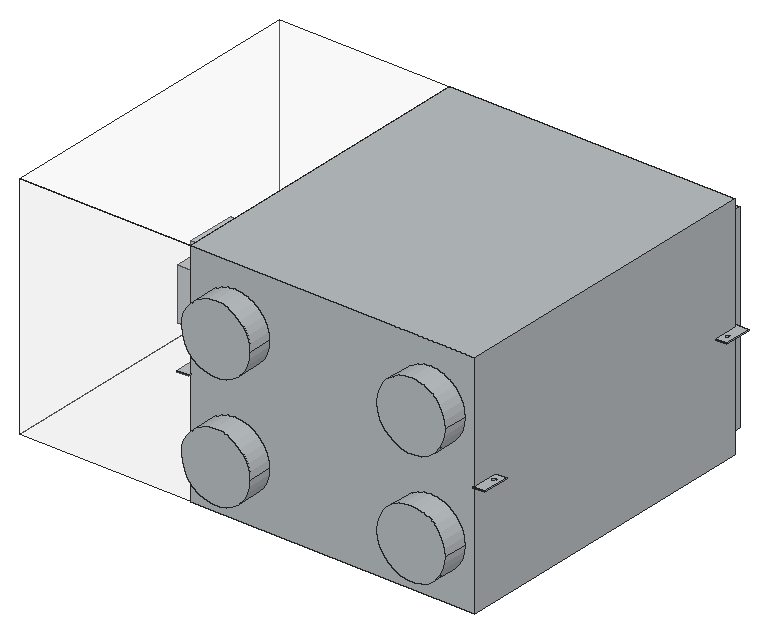
Revit family "lgh-rn150_200rxvd-c_60Hz", category 機械設備, Revit 2019
Family settings
  丸型コネクタ寸法 = 直径を使用
  パーツ タイプ = 割り込み
  OmniClass 番号 = 23.75.10.34.21
  OmniClass タイトル = Heat Exchangers for Ventilation Air
  作業面ベース = いいえ
  常に垂直 = はい
  ロード時にボイドで切り取り = いいえ
  共有 = いいえ
  部屋計算ポイント = はい
Parameters (values of type "LGH-RN150RXVD-C")
  騒音レベル(dB(A)) = 38.5
  風量 = MAX風量  # 1500.0 m³/h
  面風速 = 8.5 m/s
  電源種別 [instance] = "一般"
  電圧 = 200 V
  電動機出力 = 0 W
  集中コントローラ = ""
  運転質量 = 0.00 kg
  連動 [instance] = ""
  質量 = if(製品質量 > 運転質量, 製品質量, 運転質量) * 1.2  # 128.40 kg
  負荷分類 = 3_ファン類
  説明 = "業務用ロスナイ 天井埋込形 DCリプレースマイコン CO2センサー付"
  設計風量 = 0.0 m³/h
  設置方法 = "天井吊(隠ぺい)形"
  記号 [instance] = ""
  製造元 = "三菱電機株式会社"
  製品質量 = 107.00 kg
  製品出荷対象 = "国内"
  製品リリース年月 = "2020年10月1日"
  製品グループ = ""
  系統 [instance] = ""
  符号 [instance] = "HEU"
  積算_科目 = "1 空気調和設備"
  積算_拾い区分 [instance] = ""
  相 = 1
  盤記号 [instance] = ""
  発停方法 [instance] = "別売リモコン"
  特殊仕様 [instance] = ""
  点検口高さ = -Height / 2  # -404 mm
  点検口 = yes
  火災停止 [instance] = ""
  温度交換効率_特強 = 73.00%
  温度交換効率_強 = 74.00%
  温度交換効率_弱 = 76.50%
  消費電力 = 900 W
  法定耐用年数 = "15"
  機外静圧_排気 = 275.0 Pa
  機外静圧 = 275.0 Pa
  極数 = 3
  材質 [instance] = ""
  本体マテリアル = 溶融亜鉛めっき鋼板
  操作・制御方式 = ""
  操作・制御スイッチ = ""
  排気量 = 0.0 m³/h
  形式 = "天井埋込ダクト形"
  形名 = LGH-RN-3 : LGH-RN150-3
  幹線記号 [instance] = ""
  対象室 [instance] = ""
  実風量 = 0.0 m³/h
  始動方式 [instance] = "直入"
  外気量 = 設計風量  # 0.0 m³/h
  呼称 = "全熱交換ユニット"
  周波数 = 60 Hz
  吊りボルト-W = 1046 mm
  吊りボルト-D = 1030 mm
  参照している仕様書等のバージョン = ""
  初期抵抗 = 0.0 Pa
  分類コード = "50052504100070"
  分類グループ = ""
  価格 = 1233200
  企業コード = "108420"
  付属品_フィルター_還気 = ""
  付属品_フィルター = ""
  付属品 [instance] = ""
  仕様書バージョン = "Version1.0"
  モデル = "LGH-RN150RXVD-C"
  ドレン管径 = 0 mm
  ダクト径 = 242 mm
  サービススペース = yes
  コメント [instance] = ""
  Keynote = ""
  エンタルピ交換効率_暖房_特強 = 76.00%
  エンタルピ交換効率_暖房_強 = 76.00%
  エンタルピ交換効率_暖房_弱 = 78.50%
  エンタルピ交換効率_冷房_特強 = 66.00%
  エンタルピ交換効率_冷房_強 = 66.00%
  エンタルピ交換効率_冷房_弱 = 68.50%
  Width = 1004 mm
  Version = ""
  Uniclass2015Version = "Systems v1.9"
  Uniclass2015Title = "Thermal wheels"
  Uniclass2015Code = "Pr_60_60_36_88"
  URL = "https://www.mitsubishielectric.co.jp/ldg/wink/ssl/displayProduct.do?pid=309811"
  SpecificationReference = ""
  SpecificationDescription = ""
  SMAX風量 = 1500.0 m³/h
  SMAX静圧 = 275.0 Pa
  SAサイズ_D = 242 mm
  Revision = ""
  RAサイズ_D = 242 mm
  ProductInformation = ""
  OmniClassCode = "23-27 23 19 11"
  OAサイズ_W = 270 mm
  OAサイズ_D = 700 mm
  MIN風量 = 660.0 m³/h
  MIN静圧 = 47.0 Pa
  MID風量 = 1080.0 m³/h
  MID静圧 = 127.0 Pa
  MAX風量 = 1500.0 m³/h
  MAX静圧 = 245.0 Pa
  M2 = 49 mm
  M1 = 84 mm
  IfcTypeProduct = ""
  IfcProduct = ""
  IfcExportType = "ROTARYWHEEL"
  IfcExportAs = "IfcAirToAirHeatRecoveryType"
  Height = 808 mm
  EAサイズ_W = 270 mm
  EAサイズ_D = 700 mm
  Depth = 1144 mm
  Clearance Top = 0 mm  # constant formula
  Clearance Right = 0 mm  # constant formula
  Clearance Left = 600 mm  # constant formula
  Clearance Front = 0 mm  # constant formula
  Clearance Bottom = 0 mm  # constant formula
  Clearance Back = 0 mm  # constant formula
  Author = "三菱電機株式会社"
Types (2, lengths in mm): name | 騒音レベル(dB(A)) | 風量 | 面風速 | 質量 | 製品質量 | 温度交換効率_強 | 温度交換効率_弱 | 消費電力 | 機外静圧_排気 | 機外静圧 | 形名 | 吊りボルト-W | 参照している仕様書等のバージョン | 価格 | モデル | エンタルピ交換効率_暖房_特強 | エンタルピ交換効率_暖房_強 | エンタルピ交換効率_暖房_弱 | エンタルピ交換効率_冷房_特強 | エンタルピ交換効率_冷房_強 | エンタルピ交換効率_冷房_弱 | Width | URL | SMAX風量 | SMAX静圧 | MIN風量 | MIN静圧 | MID風量 | MID静圧 | MAX風量 | MAX静圧
  LGH-RN150RXVD-C | 38.5 | 1500.0 m³/h | 8.5 m/s | 128.40 kg | 107.00 kg | 74.00% | 76.50% | 900 W | 275.0 Pa | 275.0 Pa | LGH-RN-3 : LGH-RN150-3 | 1046 | "" | 1233200 | "LGH-RN150RXVD-C" | 76.00% | 76.00% | 78.50% | 66.00% | 66.00% | 68.50% | 1004 | "https://www.mitsubishielectric.co.jp/ldg/wink/ssl/displayProduct.do?pid=309811" | 1500.0 m³/h | 275.0 Pa | 660.0 m³/h | 47.0 Pa | 1080.0 m³/h | 127.0 Pa | 1500.0 m³/h | 245.0 Pa
  LGH-RN200RXVD-C | 41 | 2000.0 m³/h | 11.3 m/s | 140.40 kg | 117.00 kg | 73.00% | 75.00% | 1160 W | 225.0 Pa | 225.0 Pa | LGH-RN-3 : LGH-RN200-3 | 1273 | "公共建築工事標準仕様書（機械設備工事編）平成31年度版" | 1377200 | "LGH-RN200RXVD-C" | 75.00% | 75.00% | 76.50% | 65.00% | 65.00% | 67.50% | 1231 | "https://www.mitsubishielectric.co.jp/ldg/wink/ssl/displayProduct.do?pid=309814" | 2000.0 m³/h | 225.0 Pa | 880.0 m³/h | 32.0 Pa | 1440.0 m³/h | 86.0 Pa | 2000.0 m³/h | 165.0 Pa
Reference planes
  plane 1 "中心(正面/背面)": y = 0
  plane 2: z = 0
  plane 3 "中心(左/右)": x = 0
  plane 4 "4": x = 0
  plane 5 "3": x = 0
  plane 6 "左": x = -502
  plane 7 "右": x = 502
  plane 8 "背面": y = 572
  plane 9 "正面": y = -572
  plane 10: z = 404
  plane 11: y = 515
  plane 12: y = -515
  plane 13: x = 523
  plane 14: x = -523
  plane 15: z = -404
  plane 16: z = 404
  plane 17: z = -404
  plane 18: y = 572
  plane 19: x = 502
  plane 20: x = -1102
  plane 21: y = -572
  plane 22: y = 225
  plane 23: x = -652
  plane 24: y = -225
Dimensions and locks
  equal spacing: plane 6 "左", plane 5 "3", plane 7 "右"
  "Width": plane 6 "左" to plane 7 "右"
  equal spacing: plane 9 "正面", plane 1 "中心(正面/背面)", plane 8 "背面"
  "Depth": plane 9 "正面" to plane 8 "背面"
  equal spacing: plane 10, level, plane 15
  "Height": plane 10 to plane 15
  equal spacing: plane 14, plane 5 "3", plane 13
  "吊りボルト-W": plane 14 to plane 13
  equal spacing: plane 12, plane 1 "中心(正面/背面)", plane 11
  "吊りボルト-D": plane 12 to plane 11
  "Clearance Back": plane 8 "背面" to plane 18
  "Clearance Front": plane 21 to plane 9 "正面"
  "Clearance Right": plane 7 "右" to plane 19
  "Clearance Left": plane 20 to plane 6 "左"
  "Clearance Top": plane 16 to plane 10
  "Clearance Bottom": plane 15 to plane 17
  equal spacing: plane 24, plane 1 "中心(正面/背面)", plane 22
  locked: plane 24 to plane 22 at 450
  locked: plane 20 to plane 23 at 450
  aligned and locked: level to plane 2
  aligned and locked: nested 1 to plane 11
  aligned and locked: plane 12 to nested 1
  aligned and locked: plane 14 to nested 1
  aligned and locked: plane 13 to nested 1
  aligned and locked: plane 21 to nested 3
  aligned and locked: plane 20 to nested 3
  aligned and locked: plane 16 to nested 3
  aligned and locked: plane 17 to nested 3
  aligned and locked: plane 18 to nested 3
  aligned and locked: plane 6 "左" to nested 3
  aligned and locked: plane 1 "中心(正面/背面)" to nested 2
  aligned and locked: nested 2 to plane 5 "3"
  aligned and locked: plane 23 to nested 4
  aligned and locked: plane 20 to nested 4
  aligned and locked: plane 22 to nested 4
  aligned and locked: nested 4 to plane 24
Nested families
  nested 1: "固定点" at (-523, -515, 0), type "固定点"
    with W 1046 mm, D 1030 mm
  nested 2: "LGH-RN-3" at (0, 0, -404) x (0, -1, 0) z (0, 0, 1), type <- "形名", type "LGH-RN150-3"
  nested 3: "サービススペース" at (-802, 0, 0), visible <- "サービススペース", type "サービススペース"
    with Width 600 mm, Height 808 mm, Depth 1144 mm
  nested 4: "点検口設置範囲" at (-877, 0, -404), visible <- "点検口", built-in parameter 1001364 <- "点検口高さ", type "点検口設置範囲"
    with Width 450 mm, Depth 450 mm
Connectors
  hvac at (345, -656, 202), driven by "RAサイズ_D", driven by "機外静圧", driven by "風量"
    settings: on nested 2, index 1, duct flow 1500.0 m³/h, flow factor 0, pres drop 275.0 Pa, loss coef 0, conn angle 0.00°, conn width 304.8 mm, conn height 304.8 mm, conn diameter 242 mm, duct sys type 2, conn prof type 0, flow config 0, flow direction 1, loss method 4, conn ref index -1, conn util no, is conn primary yes, conn desc ""
  hvac at (345, -656, -202), driven by "RAサイズ_D", driven by "機外静圧", driven by "風量"
    settings: on nested 2, index 2, duct flow 1500.0 m³/h, flow factor 0, pres drop 275.0 Pa, loss coef 0, conn angle 0.00°, conn width 304.8 mm, conn height 304.8 mm, conn diameter 242 mm, duct sys type 2, conn prof type 0, flow config 0, flow direction 1, loss method 4, conn ref index -1, conn util no, is conn primary no, conn desc ""
  hvac at (-345, -656, 202), driven by "SAサイズ_D", driven by "機外静圧", driven by "風量"
    settings: on nested 2, index 3, duct flow 1500.0 m³/h, flow factor 0, pres drop 275.0 Pa, loss coef 0, conn angle 0.00°, conn width 304.8 mm, conn height 304.8 mm, conn diameter 242 mm, duct sys type 1, conn prof type 0, flow config 0, flow direction 2, loss method 4, conn ref index -1, conn util no, is conn primary no, conn desc ""
  hvac at (-345, -656, -202), driven by "SAサイズ_D", driven by "機外静圧", driven by "風量"
    settings: on nested 2, index 4, duct flow 1500.0 m³/h, flow factor 0, pres drop 275.0 Pa, loss coef 0, conn angle 0.00°, conn width 304.8 mm, conn height 304.8 mm, conn diameter 242 mm, duct sys type 1, conn prof type 0, flow config 0, flow direction 2, loss method 4, conn ref index -1, conn util no, is conn primary no, conn desc ""
  hvac at (345, 621, 0), driven by "機外静圧", driven by "排気量", driven by "EAサイズ_D", driven by "EAサイズ_W"
    settings: on nested 2, index 5, duct flow 0.0 m³/h, flow factor 0, pres drop 275.0 Pa, loss coef 0, conn angle 0.00°, conn width 270 mm, conn height 700 mm, conn diameter 609.6 mm, duct sys type 3, conn prof type 1, flow config 0, flow direction 2, loss method 4, conn ref index -1, conn util no, is conn primary no, conn desc ""
  hvac at (-345, 621, 0), driven by "機外静圧", driven by "外気量", driven by "OAサイズ_W", driven by "OAサイズ_D"
    settings: on nested 2, index 6, duct flow 0.0 m³/h, flow factor 0, pres drop 275.0 Pa, loss coef 0, conn angle 0.00°, conn width 270 mm, conn height 700 mm, conn diameter 609.6 mm, duct sys type 4, conn prof type 1, flow config 0, flow direction 1, loss method 4, conn ref index -1, conn util no, is conn primary no, conn desc ""
  electrical at (-559.5, -427, -18.5), driven by "極数", driven by "負荷分類", driven by "電圧", driven by "消費電力"
    settings: on nested 2, index 7, voltage 200 V, apparent load 900 VA, apparent load phase1 0 VA, apparent load phase2 0 VA, apparent load phase3 0 VA, power factor 1, load classification "3_ファン類", number of poles 3, system type 30, power factor state 1, is connector primary yes, connector utility no, sub classification motor no, connector description ""
Definition of nested family "LGH-RN-3"
  Parameters (values of type "LGH-RN150-3")
    吊りボルト-φ = 13 mm
    吊りボルト-W1 = 1030 mm
    吊りボルト-D1 = 1046 mm
    マテリアル = none
    ダクト間 = 690 mm
    ダクト-W = 270 mm
    ダクト-H = 700 mm
    コントロール手前位置 = 145 mm  # constant formula
    コントロール上位置 = 88 mm  # constant formula
    φ = 242 mm
    Φ = 258 mm
    吊りボルト-H = 0 mm
    M2 = 49 mm
    M1 = 84 mm
    W = 1144 mm
    H = 808 mm
    D = 1004 mm
    CO2センサー手前位置 = 176 mm  # constant formula
    CO2センサー上位置 = 201 mm  # constant formula
  Types (2, lengths in mm): name | 吊りボルト-D1 | ダクト間 | D
    LGH-RN200-3 | 1273 | 917 | 1231
    LGH-RN150-3 | 1046 | 690 | 1004
  Reference planes
    plane 1 "中心(正面/背面)": y = 0
    plane 2: z = 0
    plane 3 "中心(左/右)": x = 0
    plane 4: y = 502
    plane 5: y = 523
    plane 6: y = 543
    plane 7: y = -502
    plane 8: y = -523
    plane 9: y = -543
    plane 10: x = -572
    plane 11: x = 572
    plane 12: z = 404
    plane 13: x = -213
    plane 14: x = 656
    plane 15: x = -621
    plane 16: z = 202
    plane 17: y = 345
    plane 18: y = -345
    plane 19: x = -515
    plane 20: x = 515
    plane 21: x = 190.667
    plane 22: x = -190.667
    plane 23: y = -617
    plane 24: y = -686
    plane 25: x = 427
    plane 26: x = 381.333
    plane 27: x = 252
    plane 28: z = 336.667
    plane 29: z = 269.333
    plane 30: z = 134.667
    plane 31: z = 67.333
    plane 32: x = 396
    plane 33: x = 281
    plane 34: x = -581
    plane 35: x = 581
    plane 36: x = 485
    plane 37: x = -485
    plane 38: z = 404
    plane 39: z = 401
    plane 40: z = 606
    plane 41: z = 471.333
    plane 42: z = 538.667
    plane 43: z = 673.333
    plane 44: z = 740.667
    plane 45: z = 404
    plane 46: z = 808
    plane 47: y = 480
    plane 48: y = 210
    plane 49: y = -210
    plane 50: y = -480
    plane 51: z = 754
    plane 52: z = 54
    plane 53: z = 720
    plane 54: z = 607
    plane 55: z = 424
    plane 56: z = 51
  Forms (mm)
    Extrusion 1, solid, material <- "マテリアル", detail levels fine
      sketch origin (0, 0, 0) x (0, 1, 0) y (0, 0, -1)
        loop
          circle (-345, -202) r 121
        loop
          circle (345, -202) r 121
        loop
          circle (345, -606) r 121
        loop
          circle (-345, -606) r 121
      from -572 to -656
    Extrusion 2, solid, material <- "マテリアル", detail levels fine
      sketch origin (0, 0, 0) x (1, 0, 0) y (0, 1, 0)
        loop
          line (-581, 543) -> (-581, 502) -> (-485, 502) -> (-485, 543) -> (-581, 543)
        loop
          line (-581, -502) -> (-581, -543) -> (-485, -543) -> (-485, -502) -> (-581, -502)
        loop
          line (485, 543) -> (485, 502) -> (581, 502) -> (581, 543) -> (485, 543)
        loop
          line (485, -543) -> (581, -543) -> (581, -502) -> (485, -502) -> (485, -543)
        loop
          circle (-515, 523) r 6.5
        loop
          circle (515, 523) r 6.5
        loop
          circle (-515, -523) r 6.5
        loop
          circle (515, -523) r 6.5
      from 401 to 404
    Extrusion 3, solid, material <- "マテリアル", detail levels fine
      sketch origin (0, 0, 808) x (0, -1, 0) y (1, 0, 0)
        loop
          line (-502, -572) -> (502, -572) -> (502, 572) -> (-502, 572) -> (-502, -572)
      from 0 to -808
    Extrusion 4, solid, material <- "マテリアル", detail levels fine
      sketch origin (0, 0, 0) x (1, 0, 0) y (0, 0, 1)
        loop
          line (252, 720) -> (252, 51) -> (427, 51) -> (427, 720) -> (252, 720)
      from 502 to 617
    Extrusion 5, solid, material <- "マテリアル", detail levels fine
      sketch origin (0, 0, 0) x (1, 0, 0) y (0, 0, 1)
        loop
          line (281, 607) -> (281, 424) -> (396, 424) -> (396, 607) -> (281, 607)
      from 617 to 686
    Extrusion 6, solid, material <- "マテリアル", detail levels fine
      sketch origin (0, 0, 0) x (0, 1, 0) y (0, 0, 1)
        loop
          line (-210, 754) -> (-480, 754) -> (-480, 54) -> (-210, 54) -> (-210, 754)
        loop
          line (210, 754) -> (210, 54) -> (480, 54) -> (480, 754) -> (210, 754)
      from -621 to -572
  Dimensions and locks
    "W": plane 10 to plane 11
    "吊りボルト-D1": plane 8 to plane 5
    "D": plane 7 to plane 4
    equal spacing: plane 7, plane 1 "中心(正面/背面)", plane 4
    equal spacing: plane 10, plane 3 "中心(左/右)", plane 11
    "M2": plane 15 to plane 10
    "M1": plane 11 to plane 14
    equal spacing: plane 8, plane 1 "中心(正面/背面)", plane 5
    equal spacing: plane 18, plane 1 "中心(正面/背面)", plane 17
    "ダクト間": plane 18 to plane 17
    equal spacing: plane 19, plane 3 "中心(左/右)", plane 20
    "吊りボルト-W1": plane 19 to plane 20
    plane 15 to plane 14 = 1277 mm
    equal spacing: plane 10, plane 22, plane 21, plane 11
    plane 11 to plane 21 to plane 22 to plane 10 = 381.333 mm, 381.333 mm, 381.333 mm
    locked: plane 23 to plane 7 at 115
    locked: plane 24 to plane 7 at 184
    equal spacing: plane 12, plane 28, plane 29, plane 16, plane 30, plane 31, level
    locked: plane 5 to plane 6 at 20
    locked: plane 9 to plane 8 at 20
    locked: plane 38 to plane 39 at 3
    "吊りボルト-H": plane 12 to plane 38
    locked: plane 19 to plane 37 at 30
    locked: plane 36 to plane 20 at 30
    locked: plane 34 to plane 10 at 9
    locked: plane 11 to plane 35 at 9
    "H": plane 46 to level
    equal spacing: plane 46, plane 44, plane 43, plane 40, plane 42, plane 41, plane 12
    "吊りボルト-H": plane 45 to plane 12
    equal spacing: plane 48, plane 17, plane 47
    "ダクト-W": plane 48 to plane 47
    equal spacing: plane 50, plane 18, plane 49
    "ダクト-W": plane 50 to plane 49
    equal spacing: plane 51, plane 45, plane 52
    "ダクト-H": plane 51 to plane 52
    locked: plane 33 to plane 32 at 115
    locked: plane 27 to plane 25 at 175
    "CO2センサー手前位置": plane 32 to plane 11
    "コントロール手前位置": plane 25 to plane 11
    locked: plane 53 to plane 56 at 669
    "コントロール上位置": plane 46 to plane 53
    "CO2センサー上位置": plane 46 to plane 54
    locked: plane 54 to plane 55 at 183
    "φ": diameter of Extrusion 1 sketch curve  (x4)
    "吊りボルト-φ": diameter of Extrusion 2 sketch curve  (x4)
    aligned and locked: level to plane 2
    aligned and locked: plane 14 to Extrusion 1
    aligned and locked: plane 18 to Extrusion 1 sketch curve  (x2)
    aligned and locked: plane 16 to Extrusion 1 sketch curve  (x2)
    aligned and locked: plane 17 to Extrusion 1 sketch curve  (x2)
    aligned and locked: plane 6 to Extrusion 2 sketch curve  (x2)
    aligned and locked: plane 34 to Extrusion 2 sketch curve  (x2)
    aligned and locked: Extrusion 2 sketch curve to plane 4  (x2)
    aligned and locked: Extrusion 2 sketch curve to plane 37  (x2)
    aligned and locked: plane 7 to Extrusion 2 sketch curve
    aligned and locked: Extrusion 2 sketch curve to plane 9
    aligned and locked: Extrusion 2 sketch curve to plane 35
    aligned and locked: plane 9 to Extrusion 2 sketch curve
    aligned and locked: Extrusion 2 sketch curve to plane 7
    aligned and locked: plane 35 to Extrusion 2 sketch curve
    aligned and locked: plane 8 to Extrusion 2 sketch curve  (x2)
    aligned and locked: plane 5 to Extrusion 2 sketch curve  (x2)
    aligned and locked: plane 19 to Extrusion 2 sketch curve  (x2)
    aligned and locked: plane 20 to Extrusion 2 sketch curve  (x2)
    aligned and locked: Extrusion 2 to plane 39
    aligned and locked: plane 38 to Extrusion 2
    aligned and locked: Extrusion 2 sketch curve to plane 36  (x2)
    aligned and locked: Extrusion 3 to plane 46
    aligned and locked: plane 27 to Extrusion 4 sketch curve
    aligned and locked: plane 7 to Extrusion 4
    aligned and locked: plane 23 to Extrusion 4
    aligned and locked: plane 33 to Extrusion 5 sketch curve
    aligned and locked: Extrusion 5 sketch curve to plane 32
    aligned and locked: plane 23 to Extrusion 5
    aligned and locked: plane 24 to Extrusion 5
    aligned and locked: plane 40 to Extrusion 1 sketch curve  (x2)
    aligned and locked: plane 51 to Extrusion 6 sketch curve
    aligned and locked: Extrusion 6 sketch curve to plane 51
    aligned and locked: Extrusion 6 sketch curve to plane 52  (x2)
    aligned and locked: Extrusion 6 sketch curve to plane 47
    aligned and locked: Extrusion 6 sketch curve to plane 48
    aligned and locked: Extrusion 6 sketch curve to plane 49
    aligned and locked: Extrusion 6 sketch curve to plane 50
    aligned and locked: Extrusion 6 to plane 15
    aligned and locked: plane 10 to Extrusion 6
    aligned and locked: plane 55 to Extrusion 5 sketch curve
    aligned and locked: Extrusion 5 sketch curve to plane 54
    aligned and locked: Extrusion 4 sketch curve to plane 53
    aligned and locked: Extrusion 3 to level
    aligned and locked: Extrusion 4 to plane 56
    aligned and locked: Extrusion 1 to plane 11
  Automatic sketch dimensions
    plane 4 to Extrusion 3 sketch curve = 0 mm
    plane 7 to Extrusion 3 sketch curve = 0 mm
    Extrusion 3 sketch curve to plane 10 = 0 mm
    Extrusion 3 sketch curve to plane 11 = 0 mm
    Extrusion 4 sketch curve to plane 12 = 353 mm
    Extrusion 4 sketch curve to plane 25 = 0 mm
Definition of nested family "サービススペース"
  Parameters (values of type "サービススペース")
    Width [instance] = 500 mm
    Height [instance] = 500 mm
    Depth [instance] = 500 mm
  Reference planes
    plane 1 "中心(正面/背面)": y = 0
    plane 2: z = 0
    plane 3 "中心(左/右)": x = 0
    plane 4: y = -250
    plane 5: x = 250
    plane 6: y = 250
    plane 7: x = -250
    plane 8: z = 250
    plane 9: z = -250
  Forms (mm)
    Extrusion 1, solid
      sketch origin (-638.939, 0, 72.39) x (1, 0, 0) y (0, 1, 0)
        loop
          line (388.939, 250) -> (388.939, -250) -> (888.939, -250) -> (888.939, 250) -> (388.939, 250)
      from -322.39 to 177.61
  Lines and regions (mm)
    symbolic lines
      curve 1: line (-250, 0, 250) -> (250, 0, 250)
      curve 2: line (-250, 0, -250) -> (-250, 0, 250)
      curve 3: line (250, 0, -250) -> (-250, 0, -250)
      curve 4: line (250, 0, 250) -> (250, 0, -250)
      curve 5: line (0, -250, 250) -> (0, 250, 250)
      curve 6: line (0, -250, -250) -> (0, -250, 250)
      curve 7: line (0, 250, -250) -> (0, -250, -250)
      curve 8: line (0, 250, 250) -> (0, 250, -250)
      curve 9: line (-250, 250, 0) -> (250, 250, 0)
      curve 10: line (-250, -250, 0) -> (-250, 250, 0)
      curve 11: line (250, -250, 0) -> (-250, -250, 0)
      curve 12: line (250, 250, 0) -> (250, -250, 0)
  Dimensions and locks
    equal spacing: plane 7, plane 3 "中心(左/右)", plane 5
    equal spacing: plane 4, plane 1 "中心(正面/背面)", plane 6
    "Depth": plane 4 to plane 6
    "Width": plane 7 to plane 5
    equal spacing: plane 8, plane 2, plane 9
    "Height": plane 8 to plane 9
    aligned and locked: plane 9 to curve 3
    aligned and locked: plane 7 to curve 2
    aligned and locked: curve 4 to plane 5
    aligned and locked: plane 5 to Extrusion 1
    aligned and locked: Extrusion 1 to plane 7
    aligned and locked: Extrusion 1 to plane 9
    aligned and locked: plane 8 to Extrusion 1
    aligned and locked: plane 9 to curve 7
  Automatic sketch dimensions
    plane 4 to Extrusion 1 sketch curve = 0 mm
    Extrusion 1 sketch curve to plane 7 = 0 mm
    Extrusion 1 sketch curve to plane 5 = 0 mm
    plane 6 to Extrusion 1 sketch curve = 0 mm
    curve 2 to plane 8 = 0 mm
    plane 4 to curve 11 = 0 mm
    curve 11 to plane 7 = 0 mm
    curve 11 to plane 5 = 0 mm
    plane 6 to curve 10 = 0 mm
    curve 7 to plane 4 = 0 mm
    curve 7 to plane 6 = 0 mm
    curve 6 to plane 8 = 0 mm
Definition of nested family "固定点"
  Parameters (values of type "固定点")
    中心円 = 11 mm
    W [instance] = 1000 mm
    D [instance] = 1000 mm
  Reference planes
    plane 1 "中心(正面/背面)": y = 0
    plane 2: z = 0
    plane 3 "中心(左/右)": x = 0
    plane 4: x = 1000
    plane 5: y = 1000
  Lines and regions (mm)
    symbolic lines, detail levels fine
      curve 1: circle (0, 1000, 0) r 5.5 normal (0, 0, 1)
      curve 2: circle (0, 0, 0) r 5.5 normal (0, 0, 1)
      curve 3: circle (1000, 1000, 0) r 5.5 normal (0, 0, 1)
      curve 4: circle (1000, 0, 0) r 5.5 normal (0, 0, 1)
      curve 5: line (-200, 1000, 0) -> (1200, 1000, 0)
      curve 6: line (-200, 0, 0) -> (1200, 0, 0)
      curve 7: line (0, 1200, 0) -> (0, -200, 0)
      curve 8: line (1000, 1200, 0) -> (1000, -200, 0)
  Dimensions and locks
    "W": plane 3 "中心(左/右)" to plane 4
    "D": plane 1 "中心(正面/背面)" to plane 5
    "中心円": diameter of curve 1
    "中心円": diameter of curve 2
    "中心円": diameter of curve 3
    "中心円": diameter of curve 4
    aligned and locked: level to plane 2
    aligned and locked: plane 5 to curve 1
    aligned and locked: plane 3 "中心(左/右)" to curve 1
    aligned and locked: plane 3 "中心(左/右)" to curve 2
    aligned and locked: plane 1 "中心(正面/背面)" to curve 2
    aligned and locked: plane 4 to curve 3
    aligned and locked: plane 5 to curve 3
    aligned and locked: plane 1 "中心(正面/背面)" to curve 4
    aligned and locked: plane 4 to curve 4
    aligned and locked: plane 1 "中心(正面/背面)" to curve 6
    aligned and locked: curve 7 to plane 3 "中心(左/右)"
    aligned and locked: curve 8 to plane 4
  Automatic sketch dimensions
    curve 5 to plane 5 = 0 mm
    curve 6 to plane 3 "中心(左/右)" = 200 mm
    curve 5 to plane 3 "中心(左/右)" = 200 mm
    curve 4 to curve 6 = 200 mm
    curve 3 to curve 5 = 200 mm
    plane 1 "中心(正面/背面)" to curve 8 = 200 mm
    plane 1 "中心(正面/背面)" to curve 7 = 200 mm
    curve 3 to curve 8 = 200 mm
    curve 1 to curve 7 = 200 mm
Definition of nested family "点検口設置範囲"
  Parameters (values of type "点検口設置範囲")
    Width [instance] = 1000 mm
    Depth [instance] = 700 mm
  Reference planes
    plane 1 "中心(正面/背面)": y = 0
    plane 2: z = 0
    plane 3 "中心(左/右)": x = 0
    plane 4: x = -500
    plane 5: x = 500
    plane 6: y = -350
    plane 7: y = 350
  Lines and regions (mm)
    model lines
      curve 1: line (-500, 350, 0) -> (500, 350, 0)
      curve 2: line (-500, -350, 0) -> (-500, 350, 0)
      curve 3: line (500, -350, 0) -> (-500, -350, 0)
      curve 4: line (500, 350, 0) -> (500, -350, 0)
  Dimensions and locks
    "Depth": plane 7 to plane 6
    "Width": plane 4 to plane 5
    equal spacing: plane 7, plane 1 "中心(正面/背面)", plane 6
    equal spacing: plane 4, plane 3 "中心(左/右)", plane 5
    aligned and locked: level to plane 2
    aligned and locked: plane 4 to curve 2
    aligned and locked: curve 1 to plane 7
    aligned and locked: curve 4 to plane 5
    aligned and locked: plane 6 to curve 3
